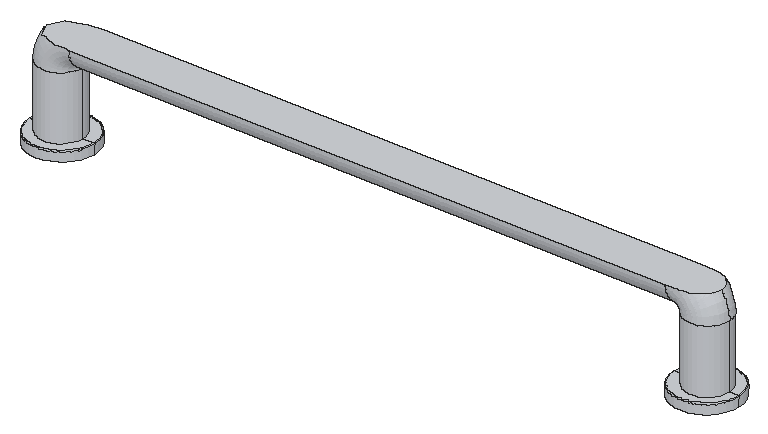
Revit family "Accessory-Towel_Bar-KOHLER-AVID-K-97494BR", category Specialty Equipment, host Face, Revit 2017
Family settings
  Host = Face
  Round Connector Dimension = Use Diameter
  Part Type = Normal
  OmniClass Number = 23.31.25.25
  OmniClass Title = Towel Bars
  Cut with Voids When Loaded = No
  Shared = No
  Room Calculation Point = No
Parameters (values of type "CP-Polished Chrome")
  Width = 18"  # constant formula
  WaterSense Certified = 1 = 0  # no
  URL = "https://br.kohler.com/"
  Type = 1
  Product Page URL = "https://br.kohler.com/product-detail/97494br?skuid=K-97494BR-CP"
  Product Name = "AVID"  # constant formula
  Product Documentation Link = ""
  Model = if(Type = 1, "K-97494BR-CP", if(Type = 2, "K-97494BR-BN", if(Type = 3, "K-97494BR-RGD", "NA")))  # "K-97494BR-CP"
  Material = "Premium Metal Construction"  # constant formula
  Master Format 2014 Name = "Toilet, Bath, and Laundry Accessories"  # constant formula
  Master Format 2014 = "10 28 00"  # constant formula
  Manufacturer Address = "Rio de Janeiro MULTIREPAROS RUA BATISTA DA COSTA, Nº 352 | STORE B Rio de Janeiro  SÃO GONÇALO 24450-470"  # constant formula
  Manufacturer = "KOHLER Co."  # constant formula
  Length = 2 3/4"  # constant formula
  Height = 1 13/16"  # constant formula
  Finish = Kohler-Metal-CP-Polished_Chrome
  Environmental Product Declaration = ""
  Description = "Towel rack 457mm"  # constant formula
  Default Elevation = 42"
  Declare Label = ""
  Date Modified = "09/08/2021"  # constant formula
  Date Created = "09/08/2021"  # constant formula
  Copyright = "Copyright KOHLER Co."  # constant formula
  Contact Us = "https://br.kohler.com/asr-listing"
  Assembly Code = "C1030200"
  ADA Compliant = 1 = 0  # no
Types (4): name | Type | Product Page URL | Model | Finish
  (no name) | 1 | "https://br.kohler.com/product-detail/97494br?skuid=K-97494BR-CP" | "K-97494BR-CP" | Kohler-Metal-CP-Polished_Chrome
  CP-Polished Chrome | 1 | "https://br.kohler.com/product-detail/97494br?skuid=K-97494BR-CP" | "K-97494BR-CP" | Kohler-Metal-CP-Polished_Chrome
  BN-Vibrant Brushed Nickel | 2 | "https://br.kohler.com/product-detail/97494br?skuid=K-97494BR-BN" | "K-97494BR-BN" | Kohler-Metal-BN-Vibrant_Brushed_Nickel
  RGD-Polished Rose Gold | 3 | "https://br.kohler.com/product-detail/97494br?skuid=K-97494BR-RGD" | "K-97494BR-RGD" | Kohler-Metal-RGD-Polished_Rose_Gold
Reference planes (in)
  plane 1 "Center (Front/Back)": y = 0
  plane 2: z = 0
  plane 3 "Center (Left/Right)": x = 0
  plane 4: x = -9.875
  plane 5: x = -9
  plane 6: y = 0.90625
  plane 7: y = -0.90625
  plane 8: x = 9.875
  plane 9: x = 9
  plane 10: x = -8.0625
  plane 11: x = 8.0625
  plane 12: z = 2.75
  plane 13: z = 0.27559
  plane 14: y = 0.59988
  plane 15: y = -0.59988
  plane 16: z = 2.15013
  plane 17: x = -9.5986
  plane 18: x = -8.3389
  plane 19: x = 8.3389
  plane 20: x = 9.5986
Dimensions and locks (in)
  "Height": plane 6 to plane 7
  "Width": plane 5 to plane 9
  "Length": plane 12 to level
  locked: plane 10 to plane 4 at 1.8125
  locked: plane 11 to plane 8 at 1.8125
  aligned and locked: plane 2 to host face
  aligned and locked: level to host face
  aligned and locked: plane 3 "Center (Left/Right)" to nested 1
  aligned and locked: plane 1 "Center (Front/Back)" to nested 1
Automatic sketch dimensions
  host sketch curve to host sketch curve = 96"  (x2)
Nested families (in)
  nested 1: "K-97494BR" at (0, 0, 0), type "K-97494BR"
Definition of nested family "K-97494BR"
  Parameters (values of type "K-97494")
    Material = none
  Reference planes (in)
    plane 1 "Center (Front/Back)": y = 0
    plane 2: z = 0
    plane 3 "Center (Left/Right)": x = 0
    plane 4: x = -9
    plane 5: y = 0.90625
    plane 6: y = -0.90625
    plane 7: x = -8.0625
    plane 8: x = -9.875
    plane 9: x = 9
    plane 10: x = 8.0625
    plane 11: x = 9.875
    plane 12: z = 2.75
    plane 13: z = 0.2556
  Forms (in)
    Revolve 1, solid, material <- "Material", detail levels medium+fine
      sketch origin (0, 0, 0) x (1, 0, 0) y (0, 0, 1)
        loop
          line (-8.96875, 0) -> (-8.96875, 0.27559) -> (-9.85486, 0.27559)
          arc (-9.85486, 0.27559) -> (-9.8691, 0.26969) -> (-9.875, 0.25545) r 0.02014
          line (-9.875, 0.25545) -> (-9.875, 0) -> (-8.96875, 0)
        axis (-8.96875, 0) -> (-8.96875, 0.27559)
      angle from 0 to 360
    Revolve 2, solid, material <- "Material", detail levels medium+fine
      sketch origin (0, 0, 0) x (-1, 0, 0) y (0, 0, 1)
        loop
          line (-8.96875, 0) -> (-8.96875, 0.27559) -> (-9.85486, 0.27559)
          arc (-9.85486, 0.27559) -> (-9.8691, 0.26969) -> (-9.875, 0.25545) r 0.02014
          line (-9.875, 0.25545) -> (-9.875, 0) -> (-8.96875, 0)
        axis (-8.96875, 0) -> (-8.96875, 0.27559)
      angle from 0 to 360
    Sweep 3, solid, material <- "Material", detail levels medium+fine
      path origin (0, 0, 0) x (1, 0, 0) y (0, 0, 1)
        loop
          line (9, 0.27395) -> (9, 2.04688)
          arc (9, 2.04688) -> (8.79406, 2.54406) -> (8.29688, 2.75) r 0.70313
          line (8.29688, 2.75) -> (-8.29805, 2.75)
          arc (-8.29805, 2.75) -> (-8.7944, 2.5444) -> (-9, 2.04805) r 0.70195
          line (-9, 2.04805) -> (-9, 0.27679)
      profile origin (-9, 0, 1.16242) x (0, -1, 0) y (1, 0, 0)
        loop
          circle (0, 0) r 0.59996
    Extrusion 4, void
      sketch origin (0, 0, 0) x (0, 1, 0) y (0, 0, 1)
        loop
          line (0.90625, 2.75) -> (0.90625, 4) -> (-0.90625, 4) -> (-0.90625, 2.75) -> (0.90625, 2.75)
      from -11.40415 to 12
    Revolve 5, solid, material <- "Material", detail levels coarse
      sketch origin (0, 0, 0) x (1, 0, 0) y (0, 0, 1)
        loop
          line (-9.875, 0) -> (-8.96875, 0) -> (-8.96875, 2.75) -> (-9.59996, 2.75) -> (-9.59996, 0.27559) -> (-9.875, 0.27559) -> (-9.875, 0)
        axis (-8.96875, 0) -> (-8.96875, 2.75)
      angle from 0 to 360
    Revolve 6, solid, material <- "Material", detail levels coarse
      sketch origin (0, 0, 0) x (-1, 0, 0) y (0, 0, 1)
        loop
          line (-9.875, 0) -> (-8.96875, 0) -> (-8.96875, 2.75) -> (-9.59996, 2.75) -> (-9.59996, 0.27559) -> (-9.875, 0.27559) -> (-9.875, 0)
        axis (-8.96875, 0) -> (-8.96875, 2.75)
      angle from 0 to 360
    Extrusion 7, solid, material <- "Material", detail levels coarse
      sketch origin (0, 0, 0) x (0, 1, 0) y (0, 0, 1)
        loop
          arc (-0.59996, 2.75) -> (0, 2.15004) -> (0.59996, 2.75) r 0.59996
          line (0.59996, 2.75) -> (-0.59996, 2.75)
      from -9 to 9
  Cuts and joins
    Extrusion 4 cuts Sweep 3
    joined: Revolve 1, Revolve 2, Sweep 3
    joined: Revolve 5, Revolve 6, Extrusion 7
  Lines and regions (in)
    Masking region 1
      outline origin (0, 0, 0) x (0, 1, 0) y (0, 0, 1)
        loop
          line (0.90625, 0) -> (0.90625, 0.2556)
          arc (0.90625, 0.2556) -> (0.9004, 0.26974) -> (0.88626, 0.27559) r 0.01999
          line (0.88626, 0.27559) -> (0.59988, 0.27559) -> (0.59988, 1.91305)
          arc (0.59988, 1.91305) -> (0.56735, 2.32737) -> (0.47054, 2.73152) r 2.65429
          arc (0.47054, 2.73152) -> (0.46084, 2.74489) -> (0.44513, 2.75) r 0.02671
          line (0.44513, 2.75) -> (-0.44513, 2.75)
          arc (-0.44513, 2.75) -> (-0.46084, 2.74489) -> (-0.47054, 2.73152) r 0.02671
          arc (-0.47054, 2.73152) -> (-0.56735, 2.32737) -> (-0.59988, 1.91305) r 2.65429
          line (-0.59988, 1.91305) -> (-0.59988, 0.27559) -> (-0.88626, 0.27559)
          arc (-0.88626, 0.27559) -> (-0.9004, 0.26974) -> (-0.90625, 0.2556) r 0.01999
          line (-0.90625, 0.2556) -> (-0.90625, 0) -> (0.90625, 0)
    Masking region 2
      outline origin (0, 0, 0) x (1, 0, 0) y (0, 0, 1)
        loop
          line (-9.875, 0) -> (-8.0625, 0) -> (-8.0625, 0.25442)
          arc (-8.0625, 0.25442) -> (-8.0687, 0.26939) -> (-8.08367, 0.27559) r 0.02117
          line (-8.08367, 0.27559) -> (-8.3389, 0.27559) -> (-8.3389, 1.93375)
          arc (-8.3389, 1.93375) -> (-8.27552, 2.08675) -> (-8.12252, 2.15013) r 0.21638
          line (-8.12252, 2.15013) -> (8.12252, 2.15013)
          arc (8.12252, 2.15013) -> (8.27552, 2.08675) -> (8.3389, 1.93375) r 0.21638
          line (8.3389, 1.93375) -> (8.3389, 0.27559) -> (8.08367, 0.27559)
          arc (8.08367, 0.27559) -> (8.0687, 0.26939) -> (8.0625, 0.25442) r 0.02117
          line (8.0625, 0.25442) -> (8.0625, 0) -> (9.875, 0) -> (9.875, 0.25442)
          arc (9.875, 0.25442) -> (9.8688, 0.26939) -> (9.85383, 0.27559) r 0.02117
          line (9.85383, 0.27559) -> (9.5986, 0.27559) -> (9.5986, 2.02999)
          arc (9.5986, 2.02999) -> (9.55124, 2.39434) -> (9.4123, 2.73448) r 1.42513
          arc (9.4123, 2.73448) -> (9.40105, 2.74584) -> (9.38561, 2.75) r 0.0307
          line (9.38561, 2.75) -> (-9.38561, 2.75)
          arc (-9.38561, 2.75) -> (-9.40105, 2.74584) -> (-9.4123, 2.73448) r 0.0307
          arc (-9.4123, 2.73448) -> (-9.55124, 2.39434) -> (-9.5986, 2.02999) r 1.42513
          line (-9.5986, 2.02999) -> (-9.5986, 0.27559) -> (-9.85383, 0.27559)
          arc (-9.85383, 0.27559) -> (-9.8688, 0.26939) -> (-9.875, 0.25442) r 0.02117
          line (-9.875, 0.25442) -> (-9.875, 0)
    Masking region 3
      outline origin (0, 0, 0) x (1, 0, 0) y (0, 1, 0)
        loop
          arc (-8.22479, 0.51751) -> (-9.87567, 0) -> (-8.22479, -0.51751) r 0.90655
          line (-8.22479, -0.51751) -> (8.22479, -0.51751)
          arc (8.22479, -0.51751) -> (9.87567, 0) -> (8.22479, 0.51751) r 0.90655
          line (8.22479, 0.51751) -> (-8.22479, 0.51751)
    symbolic lines, detail levels medium+fine
      curve 1: line (0, 0.59988, 0.27559) -> (0, -0.59988, 0.27559)
      curve 2: line (0, 0.90625, 0.2556) -> (0, -0.90625, 0.2556)
      curve 3: line (-9.5986, 0, 0.27559) -> (-8.3389, 0, 0.27559)
      curve 4: line (-9.87497, 0, 0.2556) -> (-8.06253, 0, 0.2556)
      curve 5: arc (-9.39452, 0, 2.75) -> (-8.81599, 0, 2.45264) -> (-8.30463, 0, 2.05061) r 3.40198
      curve 6: line (-7.3125, 0, 2.15013) -> (-7.3125, 0, 2.75)
      curve 7: line (9.5986, 0, 0.27559) -> (8.3389, 0, 0.27559)
      curve 8: line (9.87497, 0, 0.2556) -> (8.06253, 0, 0.2556)
      curve 9: arc (9.39452, 0, 2.75) -> (8.81599, 0, 2.45264) -> (8.30463, 0, 2.05061) r 3.40198
      curve 10: line (7.3125, 0, 2.15013) -> (7.3125, 0, 2.75)
      curve 11: line (-8.08367, 0.51751, 0) -> (-8.96875, 0.51751, 0)
      curve 12: line (-8.08367, -0.51751, 0) -> (-8.96875, -0.51751, 0)
      curve 13: arc (-8.96875, 0.51751, 0) -> (-9.48626, 0, 0) -> (-8.96875, -0.51751, 0) r 0.51751
      curve 14: arc (-8.60735, 0.51751, 0) -> (-9.59996, 0, 0) -> (-8.60735, -0.51751, 0) r 0.63121
      curve 15: arc (-8.25073, 0.51751, 0) -> (-9.85383, 0, 0) -> (-8.25073, -0.51751, 0) r 0.88508
      curve 16: line (-7.3125, -0.51751, 0) -> (-7.3125, 0.51751, 0)
      curve 17: line (8.08367, 0.51751, 0) -> (8.96875, 0.51751, 0)
      curve 18: line (8.08367, -0.51751, 0) -> (8.96875, -0.51751, 0)
      curve 19: arc (8.96875, 0.51751, 0) -> (9.48626, 0, 0) -> (8.96875, -0.51751, 0) r 0.51751
      curve 20: arc (8.60735, 0.51751, 0) -> (9.59996, 0, 0) -> (8.60735, -0.51751, 0) r 0.63121
      curve 21: arc (8.25073, 0.51751, 0) -> (9.85383, 0, 0) -> (8.25073, -0.51751, 0) r 0.88508
      curve 22: line (7.3125, -0.51751, 0) -> (7.3125, 0.51751, 0)
  Dimensions and locks (in)
    plane 8 to plane 7 = 1 13/16"
    plane 8 to plane 11 = 19 3/4"  (x2)
    plane 6 to plane 5 = 1 13/16"
    plane 12 to level = 2 3/4"
    plane 5 to plane 6 = 1 13/16"
    aligned and locked: plane 2 to level
